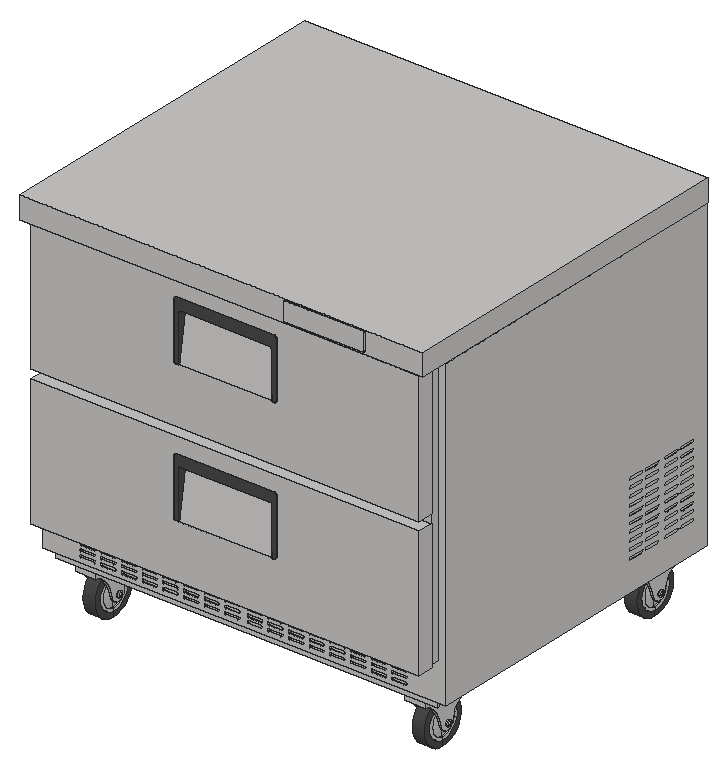
Revit family "QF_EVEREST_ETBSR2-D2", category Specialty Equipment, Revit 2015
Parameters
  Weight in Pounds = 235
  Watts = if(Phase = 3, Volts * FL Amps * 1.73, Volts * FL Amps)  # 310.5 W
  Volts = 115 V
  URL Cutsheet = ""
  Specification by User = ""
  Specification by Manufacturer = ""
  Show Clearance [instance] = yes
  Show 5 Inches Caster [instance] = yes
  Show 2.5 Inches Caster [instance] = not(Show 5 Inches Caster)  # no
  Serial Number = ""
  Seismic Rating = ""
  SMACNA No = ""
  Revision Code = ""
  Refrigerant Volume = 0.00 kip
  Refrigerant Type = "R290"
  Phase = 1
  Overall Height [instance] = Body Height + Base Height  # 880 mm
  Number of Poles = 1
  NAFEM Spec ID Number = ""
  Model = "ETBSR2-D2"
  Min Ckt Ampacity = 0 A
  Max Overcurrent Protection = 0 A
  Masterspec = ""
  Manufacturer = "EVEREST"
  Length = 906 mm
  Item Number = ""
  Installed By = ""
  Identify Quantity as Lot = yes
  Height = 125 mm
  HP = "1/5"
  Furnished By = ""
  Foodservice Equipment Identifier = yes
  FL Amps = 2.7 A
  Electrical Remarks = ""
  Electric Connection Type = ""
  Elec Conn RI Height = 0 mm
  Elec Conn Connection Height = 0 mm
  Description = "DRAWERED UNDERCOUNTER REFRIGERATOR"
  Depth = 800 mm
  Cycle = 60 Hz
  Conn Plug = "NEMA 5-15P"
  Conn Conduit = yes
  CSI MasterFormat = ""
  Body Height = 755 mm
  Base Height [instance] = if(Show 5 Inches Caster, 125 mm, 64 mm)  # 125 mm
  BTUH = 1655.0 Btu/h
  Apparent Power = if(Phase = 3, Volts * FL Amps * 1.73, Volts * FL Amps)  # 310.5 VA
Reference planes
  plane 1 "BACK": y = 0
  plane 2: z = 0
  plane 3 "LEFT": x = 0
  plane 4 "RIGHT": x = 906
  plane 5 "FRONT": y = -800
  plane 6 "TOP": z = 125
  plane 7 "Center Y": x = 453
  plane 8 "Center X": y = -400
  plane 9: z = 880
Dimensions and locks
  equal spacing: plane 3 "LEFT", plane 7 "Center Y", plane 4 "RIGHT"
  "Length": plane 3 "LEFT" to plane 4 "RIGHT"
  equal spacing: plane 5 "FRONT", plane 8 "Center X", plane 1 "BACK"
  "Depth": plane 5 "FRONT" to plane 1 "BACK"
  "Base Height": plane 6 "TOP" to level
  "Body Height": plane 9 to plane 6 "TOP"
  aligned and locked: plane 2 to level
  aligned and locked: nested 1 to plane 6 "TOP"
Nested families
  nested 1: "ETBSR2-D2" at (0, 0, 125), Show Clearance <- "Show Clearance", type "ETBSR2-D2"
    with Show Clearance yes
  nested 2: "2.5 INCHES & 5 INCHES 01_CASTER" at (82.739, -683.013, 0), Show 2 1/2 Inches Caster <- "Show 2.5 Inches Caster", Show 5" Casters <- "Show 5 Inches Caster", type "2.5 INCHES & 5 INCHES 01_CASTER"
    with Type Mark "", Specification by User "", Show 5" Casters yes, Show 2 1/2 Inches Caster no, Revision Code "", Item Number "", Installed By "", Identify Quantity as Lot yes, Furnished By "", Foodservice Equipment Identifier yes
  nested 3: "2.5 INCHES & 5 INCHES 01_CASTER" at (823.261, -683.013, 0), Show 2 1/2 Inches Caster <- "Show 2.5 Inches Caster", Show 5" Casters <- "Show 5 Inches Caster", type "2.5 INCHES & 5 INCHES 01_CASTER"
    with Type Mark "", Specification by User "", Show 5" Casters yes, Show 2 1/2 Inches Caster no, Revision Code "", Item Number "", Installed By "", Identify Quantity as Lot yes, Furnished By "", Foodservice Equipment Identifier yes
  nested 4: "2.5 INCHES & 5 INCHES 01_CASTER" at (82.739, -86.013, 0), Show 2 1/2 Inches Caster <- "Show 2.5 Inches Caster", Show 5" Casters <- "Show 5 Inches Caster", type "2.5 INCHES & 5 INCHES 01_CASTER"
    with Type Mark "", Specification by User "", Show 5" Casters yes, Show 2 1/2 Inches Caster no, Revision Code "", Item Number "", Installed By "", Identify Quantity as Lot yes, Furnished By "", Foodservice Equipment Identifier yes
  nested 5: "2.5 INCHES & 5 INCHES 01_CASTER" at (823.261, -86.013, 0), Show 2 1/2 Inches Caster <- "Show 2.5 Inches Caster", Show 5" Casters <- "Show 5 Inches Caster", type "2.5 INCHES & 5 INCHES 01_CASTER"
    with Type Mark "", Specification by User "", Show 5" Casters yes, Show 2 1/2 Inches Caster no, Revision Code "", Item Number "", Installed By "", Identify Quantity as Lot yes, Furnished By "", Foodservice Equipment Identifier yes
Connectors
  electrical at (453, 0, 525.433), driven by "Volts", driven by "Watts"
    settings: on nested 1, index 1, voltage 115 V, apparent load 310.5 VA, apparent load phase1 0 VA, apparent load phase2 0 VA, apparent load phase3 0 VA, power factor 1, load classification "Other", number of poles 1, system type 30, power factor state 1, is connector primary yes, connector utility no, sub classification motor no, connector description "ELECTRICAL CONNECTION"
Definition of nested family "ETBSR2-D2"
  Parameters (values of type "ETBSR2-D2")
    Weight in Pounds = 234
    Watts = if(Phase = 3, Volts * FL Amps * 1.73, Volts * FL Amps)  # 506 W
    Volts = 115 V
    URL Cutsheet = ""
    Specification by User = ""
    Specification by Manufacturer = ""
    Show Clearance [instance] = yes
    Serial Number = ""
    Seismic Rating = ""
    SMACNA No = ""
    Revision Code = ""
    Refrigerant Volume = 0.00 kip
    Refrigerant Type = "R-134A"
    Phase = 1
    Number of Poles = 1
    NAFEM Spec ID Number = ""
    Model = "ETBSR2-D2"
    Min Ckt Ampacity = 0 A
    Max Overcurrent Protection = 0 A
    Masterspec = ""
    Manufacturer = "EVEREST"
    Length = 906 mm
    Item Number = ""
    Installed By = ""
    Identify Quantity as Lot = yes
    Height = 755 mm
    HP = "1/5"
    Furnished By = ""
    Foodservice Equipment Identifier = yes
    FL Amps = 4.4 A
    Electrical Remarks = ""
    Electric Connection Type = ""
    Elec Conn RI Height = 0 mm
    Elec Conn Connection Height = 0 mm
    Description = "DRAWERED UNDERCOUNTER REFRIGERATORS"
    Depth = 800 mm
    Cycle = 60 Hz
    Conn Plug = ""
    Conn Conduit = yes
    CSI MasterFormat = ""
    BTUH = 0.0 Btu/h
    Apparent Power = 0 VA
  Reference planes
    plane 1 "BACK": y = 0
    plane 2: z = 0
    plane 3 "LEFT": x = 0
    plane 4 "RIGHT": x = 906
    plane 5 "FRONT": y = -800
    plane 6 "TOP": z = 755
    plane 7 "Center Y": x = 453
    plane 8 "Center X": y = -400
    plane 9: y = -1323
  Forms (mm)
    Extrusion 1, solid
      sketch origin (0, 0, -125) x (0, 1, 0) y (0, 0, 1)
        loop
          line (0, 880) -> (-800, 880) -> (-800, 830) -> (0, 830) -> (0, 880)
      from 0 to 906
    Extrusion 2, solid
      sketch origin (0, 0, -125) x (0, 1, 0) y (0, 0, 1)
        loop
          line (-1.6, 830) -> (-736.6, 830) -> (-736.6, 140) -> (-1.6, 140) -> (-1.6, 830)
      from 0 to 906
    Extrusion 3, solid
      sketch origin (0, 0, -125) x (0, 1, 0) y (0, 0, 1)
        loop
          line (-729.6, 125) -> (-727.6, 125) -> (-727.6, 138) -> (-704.6, 138) -> (-704.6, 125) -> (-664.6, 125) -> (-664.6, 138) -> (-641.6, 138) -> (-641.6, 125) -> (-639.6, 125) -> (-639.6, 140) -> (-729.6, 140) -> (-729.6, 125)
        loop
          line (-42.6, 125) -> (-42.6, 140) -> (-132.6, 140) -> (-132.6, 125) -> (-130.6, 125) -> (-130.6, 138) -> (-107.6, 138) -> (-107.6, 125) -> (-67.6, 125) -> (-67.6, 138) -> (-44.6, 138) -> (-44.6, 125) -> (-42.6, 125)
      from 23 to 883
    Extrusion 4, void
      sketch origin (0, -736.6, 705) x (0, 0, -1) y (1, 0, 0)
        loop
          line (647.1, 116.637) -> (647.1, 87.841)
          arc (647.1, 87.841) -> (650.6, 84.341) -> (654.1, 87.841) r 3.5
          line (654.1, 87.841) -> (654.1, 116.637)
          arc (654.1, 116.637) -> (650.6, 120.137) -> (647.1, 116.637) r 3.5
        loop
          line (660.1, 116.607) -> (660.1, 87.849)
          arc (660.1, 87.849) -> (663.6, 84.349) -> (667.1, 87.849) r 3.5
          line (667.1, 87.849) -> (667.1, 116.607)
          arc (667.1, 116.607) -> (663.6, 120.107) -> (660.1, 116.607) r 3.5
        loop
          line (673.1, 116.635) -> (673.1, 87.844)
          arc (673.1, 87.844) -> (676.6, 84.344) -> (680.1, 87.844) r 3.5
          line (680.1, 87.844) -> (680.1, 116.635)
          arc (680.1, 116.635) -> (676.6, 120.135) -> (673.1, 116.635) r 3.5
        loop
          line (647.1, 163.25) -> (647.1, 134.454)
          arc (647.1, 134.454) -> (650.6, 130.954) -> (654.1, 134.454) r 3.5
          line (654.1, 134.454) -> (654.1, 163.25)
          arc (654.1, 163.25) -> (650.6, 166.75) -> (647.1, 163.25) r 3.5
        loop
          line (660.1, 163.219) -> (660.1, 134.461)
          arc (660.1, 134.461) -> (663.6, 130.961) -> (667.1, 134.461) r 3.5
          line (667.1, 134.461) -> (667.1, 163.219)
          arc (667.1, 163.219) -> (663.6, 166.719) -> (660.1, 163.219) r 3.5
        loop
          line (673.1, 163.247) -> (673.1, 134.457)
          arc (673.1, 134.457) -> (676.6, 130.957) -> (680.1, 134.457) r 3.5
          line (680.1, 134.457) -> (680.1, 163.247)
          arc (680.1, 163.247) -> (676.6, 166.747) -> (673.1, 163.247) r 3.5
        loop
          line (647.1, 209.75) -> (647.1, 180.954)
          arc (647.1, 180.954) -> (650.6, 177.454) -> (654.1, 180.954) r 3.5
          line (654.1, 180.954) -> (654.1, 209.75)
          arc (654.1, 209.75) -> (650.6, 213.25) -> (647.1, 209.75) r 3.5
        loop
          line (660.1, 209.719) -> (660.1, 180.961)
          arc (660.1, 180.961) -> (663.6, 177.461) -> (667.1, 180.961) r 3.5
          line (667.1, 180.961) -> (667.1, 209.719)
          arc (667.1, 209.719) -> (663.6, 213.219) -> (660.1, 209.719) r 3.5
        loop
          line (673.1, 209.747) -> (673.1, 180.957)
          arc (673.1, 180.957) -> (676.6, 177.457) -> (680.1, 180.957) r 3.5
          line (680.1, 180.957) -> (680.1, 209.747)
          arc (680.1, 209.747) -> (676.6, 213.247) -> (673.1, 209.747) r 3.5
        loop
          line (647.1, 256.25) -> (647.1, 227.454)
          arc (647.1, 227.454) -> (650.6, 223.954) -> (654.1, 227.454) r 3.5
          line (654.1, 227.454) -> (654.1, 256.25)
          arc (654.1, 256.25) -> (650.6, 259.75) -> (647.1, 256.25) r 3.5
        loop
          line (660.1, 256.219) -> (660.1, 227.461)
          arc (660.1, 227.461) -> (663.6, 223.961) -> (667.1, 227.461) r 3.5
          line (667.1, 227.461) -> (667.1, 256.219)
          arc (667.1, 256.219) -> (663.6, 259.719) -> (660.1, 256.219) r 3.5
        loop
          line (673.1, 256.247) -> (673.1, 227.457)
          arc (673.1, 227.457) -> (676.6, 223.957) -> (680.1, 227.457) r 3.5
          line (680.1, 227.457) -> (680.1, 256.247)
          arc (680.1, 256.247) -> (676.6, 259.747) -> (673.1, 256.247) r 3.5
        loop
          line (647.1, 302.75) -> (647.1, 273.954)
          arc (647.1, 273.954) -> (650.6, 270.454) -> (654.1, 273.954) r 3.5
          line (654.1, 273.954) -> (654.1, 302.75)
          arc (654.1, 302.75) -> (650.6, 306.25) -> (647.1, 302.75) r 3.5
        loop
          line (660.1, 302.719) -> (660.1, 273.961)
          arc (660.1, 273.961) -> (663.6, 270.461) -> (667.1, 273.961) r 3.5
          line (667.1, 273.961) -> (667.1, 302.719)
          arc (667.1, 302.719) -> (663.6, 306.219) -> (660.1, 302.719) r 3.5
        loop
          line (673.1, 302.747) -> (673.1, 273.957)
          arc (673.1, 273.957) -> (676.6, 270.457) -> (680.1, 273.957) r 3.5
          line (680.1, 273.957) -> (680.1, 302.747)
          arc (680.1, 302.747) -> (676.6, 306.247) -> (673.1, 302.747) r 3.5
        loop
          line (647.1, 349.25) -> (647.1, 320.454)
          arc (647.1, 320.454) -> (650.6, 316.954) -> (654.1, 320.454) r 3.5
          line (654.1, 320.454) -> (654.1, 349.25)
          arc (654.1, 349.25) -> (650.6, 352.75) -> (647.1, 349.25) r 3.5
        loop
          line (660.1, 349.219) -> (660.1, 320.461)
          arc (660.1, 320.461) -> (663.6, 316.961) -> (667.1, 320.461) r 3.5
          line (667.1, 320.461) -> (667.1, 349.219)
          arc (667.1, 349.219) -> (663.6, 352.719) -> (660.1, 349.219) r 3.5
        loop
          line (673.1, 349.247) -> (673.1, 320.457)
          arc (673.1, 320.457) -> (676.6, 316.957) -> (680.1, 320.457) r 3.5
          line (680.1, 320.457) -> (680.1, 349.247)
          arc (680.1, 349.247) -> (676.6, 352.747) -> (673.1, 349.247) r 3.5
        loop
          line (647.1, 395.75) -> (647.1, 366.954)
          arc (647.1, 366.954) -> (650.6, 363.454) -> (654.1, 366.954) r 3.5
          line (654.1, 366.954) -> (654.1, 395.75)
          arc (654.1, 395.75) -> (650.6, 399.25) -> (647.1, 395.75) r 3.5
        loop
          line (660.1, 395.719) -> (660.1, 366.961)
          arc (660.1, 366.961) -> (663.6, 363.461) -> (667.1, 366.961) r 3.5
          line (667.1, 366.961) -> (667.1, 395.719)
          arc (667.1, 395.719) -> (663.6, 399.219) -> (660.1, 395.719) r 3.5
        loop
          line (673.1, 395.747) -> (673.1, 366.957)
          arc (673.1, 366.957) -> (676.6, 363.457) -> (680.1, 366.957) r 3.5
          line (680.1, 366.957) -> (680.1, 395.747)
          arc (680.1, 395.747) -> (676.6, 399.247) -> (673.1, 395.747) r 3.5
        loop
          line (647.1, 442.25) -> (647.1, 413.454)
          arc (647.1, 413.454) -> (650.6, 409.954) -> (654.1, 413.454) r 3.5
          line (654.1, 413.454) -> (654.1, 442.25)
          arc (654.1, 442.25) -> (650.6, 445.75) -> (647.1, 442.25) r 3.5
        loop
          line (660.1, 442.219) -> (660.1, 413.461)
          arc (660.1, 413.461) -> (663.6, 409.961) -> (667.1, 413.461) r 3.5
          line (667.1, 413.461) -> (667.1, 442.219)
          arc (667.1, 442.219) -> (663.6, 445.719) -> (660.1, 442.219) r 3.5
        loop
          line (673.1, 442.247) -> (673.1, 413.457)
          arc (673.1, 413.457) -> (676.6, 409.957) -> (680.1, 413.457) r 3.5
          line (680.1, 413.457) -> (680.1, 442.247)
          arc (680.1, 442.247) -> (676.6, 445.747) -> (673.1, 442.247) r 3.5
        loop
          arc (647.1, 789.363) -> (650.6, 785.863) -> (654.1, 789.363) r 3.5
          line (654.1, 789.363) -> (654.1, 818.159)
          arc (654.1, 818.159) -> (650.6, 821.659) -> (647.1, 818.159) r 3.5
          line (647.1, 818.159) -> (647.1, 789.363)
        loop
          arc (660.1, 789.393) -> (663.6, 785.893) -> (667.1, 789.393) r 3.5
          line (667.1, 789.393) -> (667.1, 818.151)
          arc (667.1, 818.151) -> (663.6, 821.651) -> (660.1, 818.151) r 3.5
          line (660.1, 818.151) -> (660.1, 789.393)
        loop
          arc (673.1, 789.365) -> (676.6, 785.865) -> (680.1, 789.365) r 3.5
          line (680.1, 789.365) -> (680.1, 818.156)
          arc (680.1, 818.156) -> (676.6, 821.656) -> (673.1, 818.156) r 3.5
          line (673.1, 818.156) -> (673.1, 789.365)
        loop
          arc (647.1, 742.75) -> (650.6, 739.25) -> (654.1, 742.75) r 3.5
          line (654.1, 742.75) -> (654.1, 771.546)
          arc (654.1, 771.546) -> (650.6, 775.046) -> (647.1, 771.546) r 3.5
          line (647.1, 771.546) -> (647.1, 742.75)
        loop
          arc (660.1, 742.781) -> (663.6, 739.281) -> (667.1, 742.781) r 3.5
          line (667.1, 742.781) -> (667.1, 771.539)
          arc (667.1, 771.539) -> (663.6, 775.039) -> (660.1, 771.539) r 3.5
          line (660.1, 771.539) -> (660.1, 742.781)
        loop
          arc (673.1, 742.753) -> (676.6, 739.253) -> (680.1, 742.753) r 3.5
          line (680.1, 742.753) -> (680.1, 771.543)
          arc (680.1, 771.543) -> (676.6, 775.043) -> (673.1, 771.543) r 3.5
          line (673.1, 771.543) -> (673.1, 742.753)
        loop
          arc (647.1, 696.25) -> (650.6, 692.75) -> (654.1, 696.25) r 3.5
          line (654.1, 696.25) -> (654.1, 725.046)
          arc (654.1, 725.046) -> (650.6, 728.546) -> (647.1, 725.046) r 3.5
          line (647.1, 725.046) -> (647.1, 696.25)
        loop
          arc (660.1, 696.281) -> (663.6, 692.781) -> (667.1, 696.281) r 3.5
          line (667.1, 696.281) -> (667.1, 725.039)
          arc (667.1, 725.039) -> (663.6, 728.539) -> (660.1, 725.039) r 3.5
          line (660.1, 725.039) -> (660.1, 696.281)
        loop
          arc (673.1, 696.253) -> (676.6, 692.753) -> (680.1, 696.253) r 3.5
          line (680.1, 696.253) -> (680.1, 725.043)
          arc (680.1, 725.043) -> (676.6, 728.543) -> (673.1, 725.043) r 3.5
          line (673.1, 725.043) -> (673.1, 696.253)
        loop
          arc (647.1, 649.75) -> (650.6, 646.25) -> (654.1, 649.75) r 3.5
          line (654.1, 649.75) -> (654.1, 678.546)
          arc (654.1, 678.546) -> (650.6, 682.046) -> (647.1, 678.546) r 3.5
          line (647.1, 678.546) -> (647.1, 649.75)
        loop
          arc (660.1, 649.781) -> (663.6, 646.281) -> (667.1, 649.781) r 3.5
          line (667.1, 649.781) -> (667.1, 678.539)
          arc (667.1, 678.539) -> (663.6, 682.039) -> (660.1, 678.539) r 3.5
          line (660.1, 678.539) -> (660.1, 649.781)
        loop
          arc (673.1, 649.753) -> (676.6, 646.253) -> (680.1, 649.753) r 3.5
          line (680.1, 649.753) -> (680.1, 678.543)
          arc (680.1, 678.543) -> (676.6, 682.043) -> (673.1, 678.543) r 3.5
          line (673.1, 678.543) -> (673.1, 649.753)
        loop
          arc (647.1, 603.25) -> (650.6, 599.75) -> (654.1, 603.25) r 3.5
          line (654.1, 603.25) -> (654.1, 632.046)
          arc (654.1, 632.046) -> (650.6, 635.546) -> (647.1, 632.046) r 3.5
          line (647.1, 632.046) -> (647.1, 603.25)
        loop
          arc (660.1, 603.281) -> (663.6, 599.781) -> (667.1, 603.281) r 3.5
          line (667.1, 603.281) -> (667.1, 632.039)
          arc (667.1, 632.039) -> (663.6, 635.539) -> (660.1, 632.039) r 3.5
          line (660.1, 632.039) -> (660.1, 603.281)
        loop
          arc (673.1, 603.253) -> (676.6, 599.753) -> (680.1, 603.253) r 3.5
          line (680.1, 603.253) -> (680.1, 632.043)
          arc (680.1, 632.043) -> (676.6, 635.543) -> (673.1, 632.043) r 3.5
          line (673.1, 632.043) -> (673.1, 603.253)
        loop
          arc (647.1, 556.75) -> (650.6, 553.25) -> (654.1, 556.75) r 3.5
          line (654.1, 556.75) -> (654.1, 585.546)
          arc (654.1, 585.546) -> (650.6, 589.046) -> (647.1, 585.546) r 3.5
          line (647.1, 585.546) -> (647.1, 556.75)
        loop
          arc (660.1, 556.781) -> (663.6, 553.281) -> (667.1, 556.781) r 3.5
          line (667.1, 556.781) -> (667.1, 585.539)
          arc (667.1, 585.539) -> (663.6, 589.039) -> (660.1, 585.539) r 3.5
          line (660.1, 585.539) -> (660.1, 556.781)
        loop
          arc (673.1, 556.753) -> (676.6, 553.253) -> (680.1, 556.753) r 3.5
          line (680.1, 556.753) -> (680.1, 585.543)
          arc (680.1, 585.543) -> (676.6, 589.043) -> (673.1, 585.543) r 3.5
          line (673.1, 585.543) -> (673.1, 556.753)
        loop
          arc (647.1, 510.25) -> (650.6, 506.75) -> (654.1, 510.25) r 3.5
          line (654.1, 510.25) -> (654.1, 539.046)
          arc (654.1, 539.046) -> (650.6, 542.546) -> (647.1, 539.046) r 3.5
          line (647.1, 539.046) -> (647.1, 510.25)
        loop
          arc (660.1, 510.281) -> (663.6, 506.781) -> (667.1, 510.281) r 3.5
          line (667.1, 510.281) -> (667.1, 539.039)
          arc (667.1, 539.039) -> (663.6, 542.539) -> (660.1, 539.039) r 3.5
          line (660.1, 539.039) -> (660.1, 510.281)
        loop
          arc (673.1, 510.253) -> (676.6, 506.753) -> (680.1, 510.253) r 3.5
          line (680.1, 510.253) -> (680.1, 539.043)
          arc (680.1, 539.043) -> (676.6, 542.543) -> (673.1, 539.043) r 3.5
          line (673.1, 539.043) -> (673.1, 510.253)
        loop
          arc (647.1, 463.75) -> (650.6, 460.25) -> (654.1, 463.75) r 3.5
          line (654.1, 463.75) -> (654.1, 492.546)
          arc (654.1, 492.546) -> (650.6, 496.046) -> (647.1, 492.546) r 3.5
          line (647.1, 492.546) -> (647.1, 463.75)
        loop
          arc (660.1, 463.781) -> (663.6, 460.281) -> (667.1, 463.781) r 3.5
          line (667.1, 463.781) -> (667.1, 492.539)
          arc (667.1, 492.539) -> (663.6, 496.039) -> (660.1, 492.539) r 3.5
          line (660.1, 492.539) -> (660.1, 463.781)
        loop
          arc (673.1, 463.753) -> (676.6, 460.253) -> (680.1, 463.753) r 3.5
          line (680.1, 463.753) -> (680.1, 492.543)
          arc (680.1, 492.543) -> (676.6, 496.043) -> (673.1, 492.543) r 3.5
          line (673.1, 492.543) -> (673.1, 463.753)
      from 0 to -2
    Extrusion 5, void
      sketch origin (0, 0, -125) x (0, -1, 0) y (0, 0, 1)
        loop
          arc (40.608, 372.761) -> (36.608, 368.761) -> (40.608, 364.761) r 4
          line (40.608, 364.761) -> (72.56, 364.761)
          arc (72.56, 364.761) -> (76.56, 368.761) -> (72.56, 372.761) r 4
          line (72.56, 372.761) -> (40.608, 372.761)
        loop
          arc (40.608, 354.983) -> (36.608, 350.983) -> (40.608, 346.983) r 4
          line (40.608, 346.983) -> (72.56, 346.983)
          arc (72.56, 346.983) -> (76.56, 350.983) -> (72.56, 354.983) r 4
          line (72.56, 354.983) -> (40.608, 354.983)
        loop
          arc (40.608, 337.205) -> (36.608, 333.205) -> (40.608, 329.205) r 4
          line (40.608, 329.205) -> (72.56, 329.205)
          arc (72.56, 329.205) -> (76.56, 333.205) -> (72.56, 337.205) r 4
          line (72.56, 337.205) -> (40.608, 337.205)
        loop
          arc (40.608, 319.427) -> (36.608, 315.427) -> (40.608, 311.427) r 4
          line (40.608, 311.427) -> (72.56, 311.427)
          arc (72.56, 311.427) -> (76.56, 315.427) -> (72.56, 319.427) r 4
          line (72.56, 319.427) -> (40.608, 319.427)
        loop
          arc (40.608, 301.65) -> (36.608, 297.65) -> (40.608, 293.65) r 4
          line (40.608, 293.65) -> (72.56, 293.65)
          arc (72.56, 293.65) -> (76.56, 297.65) -> (72.56, 301.65) r 4
          line (72.56, 301.65) -> (40.608, 301.65)
        loop
          arc (40.608, 283.872) -> (36.608, 279.872) -> (40.608, 275.872) r 4
          line (40.608, 275.872) -> (72.56, 275.872)
          arc (72.56, 275.872) -> (76.56, 279.872) -> (72.56, 283.872) r 4
          line (72.56, 283.872) -> (40.608, 283.872)
        loop
          arc (40.608, 266.094) -> (36.608, 262.094) -> (40.608, 258.094) r 4
          line (40.608, 258.094) -> (72.56, 258.094)
          arc (72.56, 258.094) -> (76.56, 262.094) -> (72.56, 266.094) r 4
          line (72.56, 266.094) -> (40.608, 266.094)
        loop
          arc (40.608, 248.316) -> (36.608, 244.316) -> (40.608, 240.316) r 4
          line (40.608, 240.316) -> (72.56, 240.316)
          arc (72.56, 240.316) -> (76.56, 244.316) -> (72.56, 248.316) r 4
          line (72.56, 248.316) -> (40.608, 248.316)
        loop
          arc (40.608, 230.539) -> (36.608, 226.539) -> (40.608, 222.539) r 4
          line (40.608, 222.539) -> (72.56, 222.539)
          arc (72.56, 222.539) -> (76.56, 226.539) -> (72.56, 230.539) r 4
          line (72.56, 230.539) -> (40.608, 230.539)
        loop
          arc (40.608, 212.761) -> (36.608, 208.761) -> (40.608, 204.761) r 4
          line (40.608, 204.761) -> (72.56, 204.761)
          arc (72.56, 204.761) -> (76.56, 208.761) -> (72.56, 212.761) r 4
          line (72.56, 212.761) -> (40.608, 212.761)
        loop
          arc (85.638, 372.761) -> (81.638, 368.761) -> (85.638, 364.761) r 4
          line (85.638, 364.761) -> (117.59, 364.761)
          arc (117.59, 364.761) -> (121.59, 368.761) -> (117.59, 372.761) r 4
          line (117.59, 372.761) -> (85.638, 372.761)
        loop
          arc (85.638, 354.983) -> (81.638, 350.983) -> (85.638, 346.983) r 4
          line (85.638, 346.983) -> (117.59, 346.983)
          arc (117.59, 346.983) -> (121.59, 350.983) -> (117.59, 354.983) r 4
          line (117.59, 354.983) -> (85.638, 354.983)
        loop
          arc (85.638, 337.205) -> (81.638, 333.205) -> (85.638, 329.205) r 4
          line (85.638, 329.205) -> (117.59, 329.205)
          arc (117.59, 329.205) -> (121.59, 333.205) -> (117.59, 337.205) r 4
          line (117.59, 337.205) -> (85.638, 337.205)
        loop
          arc (85.638, 319.427) -> (81.638, 315.427) -> (85.638, 311.427) r 4
          line (85.638, 311.427) -> (117.59, 311.427)
          arc (117.59, 311.427) -> (121.59, 315.427) -> (117.59, 319.427) r 4
          line (117.59, 319.427) -> (85.638, 319.427)
        loop
          arc (85.638, 301.65) -> (81.638, 297.65) -> (85.638, 293.65) r 4
          line (85.638, 293.65) -> (117.59, 293.65)
          arc (117.59, 293.65) -> (121.59, 297.65) -> (117.59, 301.65) r 4
          line (117.59, 301.65) -> (85.638, 301.65)
        loop
          arc (85.638, 283.872) -> (81.638, 279.872) -> (85.638, 275.872) r 4
          line (85.638, 275.872) -> (117.59, 275.872)
          arc (117.59, 275.872) -> (121.59, 279.872) -> (117.59, 283.872) r 4
          line (117.59, 283.872) -> (85.638, 283.872)
        loop
          arc (85.638, 266.094) -> (81.638, 262.094) -> (85.638, 258.094) r 4
          line (85.638, 258.094) -> (117.59, 258.094)
          arc (117.59, 258.094) -> (121.59, 262.094) -> (117.59, 266.094) r 4
          line (117.59, 266.094) -> (85.638, 266.094)
        loop
          arc (85.638, 248.316) -> (81.638, 244.316) -> (85.638, 240.316) r 4
          line (85.638, 240.316) -> (117.59, 240.316)
          arc (117.59, 240.316) -> (121.59, 244.316) -> (117.59, 248.316) r 4
          line (117.59, 248.316) -> (85.638, 248.316)
        loop
          arc (85.638, 230.539) -> (81.638, 226.539) -> (85.638, 222.539) r 4
          line (85.638, 222.539) -> (117.59, 222.539)
          arc (117.59, 222.539) -> (121.59, 226.539) -> (117.59, 230.539) r 4
          line (117.59, 230.539) -> (85.638, 230.539)
        loop
          arc (85.638, 212.761) -> (81.638, 208.761) -> (85.638, 204.761) r 4
          line (85.638, 204.761) -> (117.59, 204.761)
          arc (117.59, 204.761) -> (121.59, 208.761) -> (117.59, 212.761) r 4
          line (117.59, 212.761) -> (85.638, 212.761)
        loop
          arc (140.638, 372.761) -> (136.638, 368.761) -> (140.638, 364.761) r 4
          line (140.638, 364.761) -> (172.59, 364.761)
          arc (172.59, 364.761) -> (176.59, 368.761) -> (172.59, 372.761) r 4
          line (172.59, 372.761) -> (140.638, 372.761)
        loop
          arc (140.638, 354.983) -> (136.638, 350.983) -> (140.638, 346.983) r 4
          line (140.638, 346.983) -> (172.59, 346.983)
          arc (172.59, 346.983) -> (176.59, 350.983) -> (172.59, 354.983) r 4
          line (172.59, 354.983) -> (140.638, 354.983)
        loop
          arc (140.638, 337.205) -> (136.638, 333.205) -> (140.638, 329.205) r 4
          line (140.638, 329.205) -> (172.59, 329.205)
          arc (172.59, 329.205) -> (176.59, 333.205) -> (172.59, 337.205) r 4
          line (172.59, 337.205) -> (140.638, 337.205)
        loop
          arc (140.638, 319.427) -> (136.638, 315.427) -> (140.638, 311.427) r 4
          line (140.638, 311.427) -> (172.59, 311.427)
          arc (172.59, 311.427) -> (176.59, 315.427) -> (172.59, 319.427) r 4
          line (172.59, 319.427) -> (140.638, 319.427)
        loop
          arc (140.638, 301.65) -> (136.638, 297.65) -> (140.638, 293.65) r 4
          line (140.638, 293.65) -> (172.59, 293.65)
          arc (172.59, 293.65) -> (176.59, 297.65) -> (172.59, 301.65) r 4
          line (172.59, 301.65) -> (140.638, 301.65)
        loop
          arc (140.638, 283.872) -> (136.638, 279.872) -> (140.638, 275.872) r 4
          line (140.638, 275.872) -> (172.59, 275.872)
          arc (172.59, 275.872) -> (176.59, 279.872) -> (172.59, 283.872) r 4
          line (172.59, 283.872) -> (140.638, 283.872)
        loop
          arc (140.638, 266.094) -> (136.638, 262.094) -> (140.638, 258.094) r 4
          line (140.638, 258.094) -> (172.59, 258.094)
          arc (172.59, 258.094) -> (176.59, 262.094) -> (172.59, 266.094) r 4
          line (172.59, 266.094) -> (140.638, 266.094)
        loop
          arc (140.638, 248.316) -> (136.638, 244.316) -> (140.638, 240.316) r 4
          line (140.638, 240.316) -> (172.59, 240.316)
          arc (172.59, 240.316) -> (176.59, 244.316) -> (172.59, 248.316) r 4
          line (172.59, 248.316) -> (140.638, 248.316)
        loop
          arc (140.638, 230.539) -> (136.638, 226.539) -> (140.638, 222.539) r 4
          line (140.638, 222.539) -> (172.59, 222.539)
          arc (172.59, 222.539) -> (176.59, 226.539) -> (172.59, 230.539) r 4
          line (172.59, 230.539) -> (140.638, 230.539)
        loop
          arc (140.638, 212.761) -> (136.638, 208.761) -> (140.638, 204.761) r 4
          line (140.638, 204.761) -> (172.59, 204.761)
          arc (172.59, 204.761) -> (176.59, 208.761) -> (172.59, 212.761) r 4
          line (172.59, 212.761) -> (140.638, 212.761)
        loop
          arc (185.638, 372.761) -> (181.638, 368.761) -> (185.638, 364.761) r 4
          line (185.638, 364.761) -> (217.59, 364.761)
          arc (217.59, 364.761) -> (221.59, 368.761) -> (217.59, 372.761) r 4
          line (217.59, 372.761) -> (185.638, 372.761)
        loop
          arc (185.638, 354.983) -> (181.638, 350.983) -> (185.638, 346.983) r 4
          line (185.638, 346.983) -> (217.59, 346.983)
          arc (217.59, 346.983) -> (221.59, 350.983) -> (217.59, 354.983) r 4
          line (217.59, 354.983) -> (185.638, 354.983)
        loop
          arc (185.638, 337.205) -> (181.638, 333.205) -> (185.638, 329.205) r 4
          line (185.638, 329.205) -> (217.59, 329.205)
          arc (217.59, 329.205) -> (221.59, 333.205) -> (217.59, 337.205) r 4
          line (217.59, 337.205) -> (185.638, 337.205)
        loop
          arc (185.638, 319.427) -> (181.638, 315.427) -> (185.638, 311.427) r 4
          line (185.638, 311.427) -> (217.59, 311.427)
          arc (217.59, 311.427) -> (221.59, 315.427) -> (217.59, 319.427) r 4
          line (217.59, 319.427) -> (185.638, 319.427)
        loop
          arc (185.638, 301.65) -> (181.638, 297.65) -> (185.638, 293.65) r 4
          line (185.638, 293.65) -> (217.59, 293.65)
          arc (217.59, 293.65) -> (221.59, 297.65) -> (217.59, 301.65) r 4
          line (217.59, 301.65) -> (185.638, 301.65)
        loop
          arc (185.638, 283.872) -> (181.638, 279.872) -> (185.638, 275.872) r 4
          line (185.638, 275.872) -> (217.59, 275.872)
          arc (217.59, 275.872) -> (221.59, 279.872) -> (217.59, 283.872) r 4
          line (217.59, 283.872) -> (185.638, 283.872)
        loop
          arc (185.638, 266.094) -> (181.638, 262.094) -> (185.638, 258.094) r 4
          line (185.638, 258.094) -> (217.59, 258.094)
          arc (217.59, 258.094) -> (221.59, 262.094) -> (217.59, 266.094) r 4
          line (217.59, 266.094) -> (185.638, 266.094)
        loop
          arc (185.638, 248.316) -> (181.638, 244.316) -> (185.638, 240.316) r 4
          line (185.638, 240.316) -> (217.59, 240.316)
          arc (217.59, 240.316) -> (221.59, 244.316) -> (217.59, 248.316) r 4
          line (217.59, 248.316) -> (185.638, 248.316)
        loop
          arc (185.638, 230.539) -> (181.638, 226.539) -> (185.638, 222.539) r 4
          line (185.638, 222.539) -> (217.59, 222.539)
          arc (217.59, 222.539) -> (221.59, 226.539) -> (217.59, 230.539) r 4
          line (217.59, 230.539) -> (185.638, 230.539)
        loop
          arc (185.638, 212.761) -> (181.638, 208.761) -> (185.638, 204.761) r 4
          line (185.638, 204.761) -> (217.59, 204.761)
          arc (217.59, 204.761) -> (221.59, 208.761) -> (217.59, 212.761) r 4
          line (217.59, 212.761) -> (185.638, 212.761)
      from 0 to -2
    Extrusion 6, solid
      sketch origin (0, 0, -125) x (1, 0, 0) y (0, 0, 1)
        loop
          circle (453, 525.433) r 10
      from 0 to 1.6
    Extrusion 7, solid
      sketch origin (0, -800, 755) x (0, 0, -1) y (1, 0, 0)
        loop
          arc (42.993, 595.25) -> (44.412, 595.838) -> (45, 597.257) r 2.007
          line (45, 597.257) -> (45, 772.786)
          arc (45, 772.786) -> (44.425, 774.175) -> (43.036, 774.75) r 1.964
          line (43.036, 774.75) -> (5, 774.75)
          arc (5, 774.75) -> (3.585, 774.165) -> (3, 772.75) r 1.997
          line (3, 772.75) -> (3, 597.25)
          arc (3, 597.25) -> (3.585, 595.835) -> (5, 595.25) r 1.997
          line (5, 595.25) -> (42.993, 595.25)
      from 0 to 2
    Extrusion 8, solid
      sketch origin (0, 0, -125) x (0, 1, 0) y (0, 0, 1)
        loop
          line (-736.6, 816.691) -> (-754.6, 816.691) -> (-754.6, 224.38) -> (-736.6, 224.38) -> (-736.6, 816.691)
      from 15 to 889
    Extrusion 9, solid
      sketch origin (0, -789.6, 698.036) x (0, 0, -1) y (1, 0, 0)
        loop
          line (605, 889) -> (314.036, 889) -> (314.036, 15) -> (605, 15) -> (605, 889)
        loop
          line (0, 889) -> (0, 15) -> (294.036, 15) -> (294.036, 889) -> (0, 889)
        loop
          arc (33.036, 343) -> (34.5, 339.464) -> (38.036, 338) r 5
          line (38.036, 338) -> (164.536, 338)
          arc (164.536, 338) -> (167.011, 339.025) -> (168.036, 341.5) r 3.5
          line (168.036, 341.5) -> (168.036, 345.5)
          arc (168.036, 345.5) -> (167.011, 347.975) -> (164.536, 349) r 3.5
          line (164.536, 349) -> (63.036, 349)
          arc (63.036, 349) -> (59.5, 350.464) -> (58.036, 354) r 5
          line (58.036, 354) -> (58.036, 552)
          arc (58.036, 552) -> (59.5, 555.536) -> (63.036, 557) r 5
          line (63.036, 557) -> (164.536, 557)
          arc (164.536, 557) -> (167.011, 558.025) -> (168.036, 560.5) r 3.5
          line (168.036, 560.5) -> (168.036, 564.5)
          arc (168.036, 564.5) -> (167.011, 566.975) -> (164.536, 568) r 3.5
          line (164.536, 568) -> (38.036, 568)
          arc (38.036, 568) -> (34.5, 566.536) -> (33.036, 563) r 5
          line (33.036, 563) -> (33.036, 343)
        loop
          arc (349.036, 343) -> (350.5, 339.464) -> (354.036, 338) r 5
          line (354.036, 338) -> (480.536, 338)
          arc (480.536, 338) -> (483.011, 339.025) -> (484.036, 341.5) r 3.5
          line (484.036, 341.5) -> (484.036, 345.5)
          arc (484.036, 345.5) -> (483.011, 347.975) -> (480.536, 349) r 3.5
          line (480.536, 349) -> (379.036, 349)
          arc (379.036, 349) -> (375.5, 350.464) -> (374.036, 354) r 5
          line (374.036, 354) -> (374.036, 552)
          arc (374.036, 552) -> (375.5, 555.536) -> (379.036, 557) r 5
          line (379.036, 557) -> (480.536, 557)
          arc (480.536, 557) -> (483.011, 558.025) -> (484.036, 560.5) r 3.5
          line (484.036, 560.5) -> (484.036, 564.5)
          arc (484.036, 564.5) -> (483.011, 566.975) -> (480.536, 568) r 3.5
          line (480.536, 568) -> (354.036, 568)
          arc (354.036, 568) -> (350.5, 566.536) -> (349.036, 563) r 5
          line (349.036, 563) -> (349.036, 343)
      from 0 to -35
    Extrusion 10, solid
      sketch origin (0, -789.6, 698.036) x (0, 0, -1) y (1, 0, 0)
        loop
          arc (33.036, 343) -> (34.5, 339.464) -> (38.036, 338) r 5
          line (38.036, 338) -> (164.536, 338)
          arc (164.536, 338) -> (167.011, 339.025) -> (168.036, 341.5) r 3.5
          line (168.036, 341.5) -> (168.036, 345.5)
          arc (168.036, 345.5) -> (167.011, 347.975) -> (164.536, 349) r 3.5
          line (164.536, 349) -> (63.036, 349)
          arc (63.036, 349) -> (59.5, 350.464) -> (58.036, 354) r 5
          line (58.036, 354) -> (58.036, 552)
          arc (58.036, 552) -> (59.5, 555.536) -> (63.036, 557) r 5
          line (63.036, 557) -> (164.536, 557)
          arc (164.536, 557) -> (167.011, 558.025) -> (168.036, 560.5) r 3.5
          line (168.036, 560.5) -> (168.036, 564.5)
          arc (168.036, 564.5) -> (167.011, 566.975) -> (164.536, 568) r 3.5
          line (164.536, 568) -> (38.036, 568)
          arc (38.036, 568) -> (34.5, 566.536) -> (33.036, 563) r 5
          line (33.036, 563) -> (33.036, 343)
        loop
          arc (349.036, 343) -> (350.5, 339.464) -> (354.036, 338) r 5
          line (354.036, 338) -> (480.536, 338)
          arc (480.536, 338) -> (483.011, 339.025) -> (484.036, 341.5) r 3.5
          line (484.036, 341.5) -> (484.036, 345.5)
          arc (484.036, 345.5) -> (483.011, 347.975) -> (480.536, 349) r 3.5
          line (480.536, 349) -> (379.036, 349)
          arc (379.036, 349) -> (375.5, 350.464) -> (374.036, 354) r 5
          line (374.036, 354) -> (374.036, 552)
          arc (374.036, 552) -> (375.5, 555.536) -> (379.036, 557) r 5
          line (379.036, 557) -> (480.536, 557)
          arc (480.536, 557) -> (483.011, 558.025) -> (484.036, 560.5) r 3.5
          line (484.036, 560.5) -> (484.036, 564.5)
          arc (484.036, 564.5) -> (483.011, 566.975) -> (480.536, 568) r 3.5
          line (480.536, 568) -> (354.036, 568)
          arc (354.036, 568) -> (350.5, 566.536) -> (349.036, 563) r 5
          line (349.036, 563) -> (349.036, 343)
      from 0 to -35
    Extrusion 11, solid, visible <- "Show Clearance", detail levels coarse
      sketch origin (0, 0, -125) x (1, 0, 0) y (0, 1, 0)
        loop
          line (15, -789.6) -> (15, -1323) -> (889, -1323) -> (889, -789.6) -> (15, -789.6)
      from 529 to 823.036
    Extrusion 12, solid, visible <- "Show Clearance", detail levels coarse
      sketch origin (0, 0, -439.036) x (1, 0, 0) y (0, 1, 0)
        loop
          line (15, -789.6) -> (15, -1214.6) -> (889, -1214.6) -> (889, -789.6) -> (15, -789.6)
      from 532.071 to 823.036
    Extrusion 13, void
      sketch origin (0, 0, 3.964) x (0, 1, 0) y (0, 0, 1)
        loop
          line (-772.1, 634.244) -> (-772.1, 636.244) -> (-789.6, 636.244) -> (-789.6, 526.036) -> (-772.1, 634.244)
      from 349 to 557
    Extrusion 14, void
      sketch origin (0, 0, -312.036) x (0, 1, 0) y (0, 0, 1)
        loop
          line (-772.1, 634.244) -> (-772.1, 636.244) -> (-789.6, 636.244) -> (-789.6, 526.036) -> (-772.1, 634.244)
      from 349 to 557
    Extrusion 15, void
      sketch origin (906, 0, -125) x (0, -1, 0) y (0, 0, -1)
        loop
          line (40.608, -372.761) -> (72.56, -372.761)
          arc (72.56, -372.761) -> (76.56, -368.761) -> (72.56, -364.761) r 4
          line (72.56, -364.761) -> (40.608, -364.761)
          arc (40.608, -364.761) -> (36.608, -368.761) -> (40.608, -372.761) r 4
        loop
          line (40.608, -354.983) -> (72.56, -354.983)
          arc (72.56, -354.983) -> (76.56, -350.983) -> (72.56, -346.983) r 4
          line (72.56, -346.983) -> (40.608, -346.983)
          arc (40.608, -346.983) -> (36.608, -350.983) -> (40.608, -354.983) r 4
        loop
          line (40.608, -337.205) -> (72.56, -337.205)
          arc (72.56, -337.205) -> (76.56, -333.205) -> (72.56, -329.205) r 4
          line (72.56, -329.205) -> (40.608, -329.205)
          arc (40.608, -329.205) -> (36.608, -333.205) -> (40.608, -337.205) r 4
        loop
          line (40.608, -319.427) -> (72.56, -319.427)
          arc (72.56, -319.427) -> (76.56, -315.427) -> (72.56, -311.427) r 4
          line (72.56, -311.427) -> (40.608, -311.427)
          arc (40.608, -311.427) -> (36.608, -315.427) -> (40.608, -319.427) r 4
        loop
          line (40.608, -301.65) -> (72.56, -301.65)
          arc (72.56, -301.65) -> (76.56, -297.65) -> (72.56, -293.65) r 4
          line (72.56, -293.65) -> (40.608, -293.65)
          arc (40.608, -293.65) -> (36.608, -297.65) -> (40.608, -301.65) r 4
        loop
          line (40.608, -283.872) -> (72.56, -283.872)
          arc (72.56, -283.872) -> (76.56, -279.872) -> (72.56, -275.872) r 4
          line (72.56, -275.872) -> (40.608, -275.872)
          arc (40.608, -275.872) -> (36.608, -279.872) -> (40.608, -283.872) r 4
        loop
          line (40.608, -266.094) -> (72.56, -266.094)
          arc (72.56, -266.094) -> (76.56, -262.094) -> (72.56, -258.094) r 4
          line (72.56, -258.094) -> (40.608, -258.094)
          arc (40.608, -258.094) -> (36.608, -262.094) -> (40.608, -266.094) r 4
        loop
          line (40.608, -248.316) -> (72.56, -248.316)
          arc (72.56, -248.316) -> (76.56, -244.316) -> (72.56, -240.316) r 4
          line (72.56, -240.316) -> (40.608, -240.316)
          arc (40.608, -240.316) -> (36.608, -244.316) -> (40.608, -248.316) r 4
        loop
          line (40.608, -230.539) -> (72.56, -230.539)
          arc (72.56, -230.539) -> (76.56, -226.539) -> (72.56, -222.539) r 4
          line (72.56, -222.539) -> (40.608, -222.539)
          arc (40.608, -222.539) -> (36.608, -226.539) -> (40.608, -230.539) r 4
        loop
          line (40.608, -212.761) -> (72.56, -212.761)
          arc (72.56, -212.761) -> (76.56, -208.761) -> (72.56, -204.761) r 4
          line (72.56, -204.761) -> (40.608, -204.761)
          arc (40.608, -204.761) -> (36.608, -208.761) -> (40.608, -212.761) r 4
        loop
          line (85.638, -372.761) -> (117.59, -372.761)
          arc (117.59, -372.761) -> (121.59, -368.761) -> (117.59, -364.761) r 4
          line (117.59, -364.761) -> (85.638, -364.761)
          arc (85.638, -364.761) -> (81.638, -368.761) -> (85.638, -372.761) r 4
        loop
          line (85.638, -354.983) -> (117.59, -354.983)
          arc (117.59, -354.983) -> (121.59, -350.983) -> (117.59, -346.983) r 4
          line (117.59, -346.983) -> (85.638, -346.983)
          arc (85.638, -346.983) -> (81.638, -350.983) -> (85.638, -354.983) r 4
        loop
          line (85.638, -337.205) -> (117.59, -337.205)
          arc (117.59, -337.205) -> (121.59, -333.205) -> (117.59, -329.205) r 4
          line (117.59, -329.205) -> (85.638, -329.205)
          arc (85.638, -329.205) -> (81.638, -333.205) -> (85.638, -337.205) r 4
        loop
          line (85.638, -319.427) -> (117.59, -319.427)
          arc (117.59, -319.427) -> (121.59, -315.427) -> (117.59, -311.427) r 4
          line (117.59, -311.427) -> (85.638, -311.427)
          arc (85.638, -311.427) -> (81.638, -315.427) -> (85.638, -319.427) r 4
        loop
          line (85.638, -301.65) -> (117.59, -301.65)
          arc (117.59, -301.65) -> (121.59, -297.65) -> (117.59, -293.65) r 4
          line (117.59, -293.65) -> (85.638, -293.65)
          arc (85.638, -293.65) -> (81.638, -297.65) -> (85.638, -301.65) r 4
        loop
          line (85.638, -283.872) -> (117.59, -283.872)
          arc (117.59, -283.872) -> (121.59, -279.872) -> (117.59, -275.872) r 4
          line (117.59, -275.872) -> (85.638, -275.872)
          arc (85.638, -275.872) -> (81.638, -279.872) -> (85.638, -283.872) r 4
        loop
          line (85.638, -266.094) -> (117.59, -266.094)
          arc (117.59, -266.094) -> (121.59, -262.094) -> (117.59, -258.094) r 4
          line (117.59, -258.094) -> (85.638, -258.094)
          arc (85.638, -258.094) -> (81.638, -262.094) -> (85.638, -266.094) r 4
        loop
          line (85.638, -248.316) -> (117.59, -248.316)
          arc (117.59, -248.316) -> (121.59, -244.316) -> (117.59, -240.316) r 4
          line (117.59, -240.316) -> (85.638, -240.316)
          arc (85.638, -240.316) -> (81.638, -244.316) -> (85.638, -248.316) r 4
        loop
          line (85.638, -230.539) -> (117.59, -230.539)
          arc (117.59, -230.539) -> (121.59, -226.539) -> (117.59, -222.539) r 4
          line (117.59, -222.539) -> (85.638, -222.539)
          arc (85.638, -222.539) -> (81.638, -226.539) -> (85.638, -230.539) r 4
        loop
          line (85.638, -212.761) -> (117.59, -212.761)
          arc (117.59, -212.761) -> (121.59, -208.761) -> (117.59, -204.761) r 4
          line (117.59, -204.761) -> (85.638, -204.761)
          arc (85.638, -204.761) -> (81.638, -208.761) -> (85.638, -212.761) r 4
        loop
          line (140.638, -372.761) -> (172.59, -372.761)
          arc (172.59, -372.761) -> (176.59, -368.761) -> (172.59, -364.761) r 4
          line (172.59, -364.761) -> (140.638, -364.761)
          arc (140.638, -364.761) -> (136.638, -368.761) -> (140.638, -372.761) r 4
        loop
          line (140.638, -354.983) -> (172.59, -354.983)
          arc (172.59, -354.983) -> (176.59, -350.983) -> (172.59, -346.983) r 4
          line (172.59, -346.983) -> (140.638, -346.983)
          arc (140.638, -346.983) -> (136.638, -350.983) -> (140.638, -354.983) r 4
        loop
          line (140.638, -337.205) -> (172.59, -337.205)
          arc (172.59, -337.205) -> (176.59, -333.205) -> (172.59, -329.205) r 4
          line (172.59, -329.205) -> (140.638, -329.205)
          arc (140.638, -329.205) -> (136.638, -333.205) -> (140.638, -337.205) r 4
        loop
          line (140.638, -319.427) -> (172.59, -319.427)
          arc (172.59, -319.427) -> (176.59, -315.427) -> (172.59, -311.427) r 4
          line (172.59, -311.427) -> (140.638, -311.427)
          arc (140.638, -311.427) -> (136.638, -315.427) -> (140.638, -319.427) r 4
        loop
          line (140.638, -301.65) -> (172.59, -301.65)
          arc (172.59, -301.65) -> (176.59, -297.65) -> (172.59, -293.65) r 4
          line (172.59, -293.65) -> (140.638, -293.65)
          arc (140.638, -293.65) -> (136.638, -297.65) -> (140.638, -301.65) r 4
        loop
          line (140.638, -283.872) -> (172.59, -283.872)
          arc (172.59, -283.872) -> (176.59, -279.872) -> (172.59, -275.872) r 4
          line (172.59, -275.872) -> (140.638, -275.872)
          arc (140.638, -275.872) -> (136.638, -279.872) -> (140.638, -283.872) r 4
        loop
          line (140.638, -266.094) -> (172.59, -266.094)
          arc (172.59, -266.094) -> (176.59, -262.094) -> (172.59, -258.094) r 4
          line (172.59, -258.094) -> (140.638, -258.094)
          arc (140.638, -258.094) -> (136.638, -262.094) -> (140.638, -266.094) r 4
        loop
          line (140.638, -248.316) -> (172.59, -248.316)
          arc (172.59, -248.316) -> (176.59, -244.316) -> (172.59, -240.316) r 4
          line (172.59, -240.316) -> (140.638, -240.316)
          arc (140.638, -240.316) -> (136.638, -244.316) -> (140.638, -248.316) r 4
        loop
          line (140.638, -230.539) -> (172.59, -230.539)
          arc (172.59, -230.539) -> (176.59, -226.539) -> (172.59, -222.539) r 4
          line (172.59, -222.539) -> (140.638, -222.539)
          arc (140.638, -222.539) -> (136.638, -226.539) -> (140.638, -230.539) r 4
        loop
          line (140.638, -212.761) -> (172.59, -212.761)
          arc (172.59, -212.761) -> (176.59, -208.761) -> (172.59, -204.761) r 4
          line (172.59, -204.761) -> (140.638, -204.761)
          arc (140.638, -204.761) -> (136.638, -208.761) -> (140.638, -212.761) r 4
        loop
          line (185.638, -372.761) -> (217.59, -372.761)
          arc (217.59, -372.761) -> (221.59, -368.761) -> (217.59, -364.761) r 4
          line (217.59, -364.761) -> (185.638, -364.761)
          arc (185.638, -364.761) -> (181.638, -368.761) -> (185.638, -372.761) r 4
        loop
          line (185.638, -354.983) -> (217.59, -354.983)
          arc (217.59, -354.983) -> (221.59, -350.983) -> (217.59, -346.983) r 4
          line (217.59, -346.983) -> (185.638, -346.983)
          arc (185.638, -346.983) -> (181.638, -350.983) -> (185.638, -354.983) r 4
        loop
          line (185.638, -337.205) -> (217.59, -337.205)
          arc (217.59, -337.205) -> (221.59, -333.205) -> (217.59, -329.205) r 4
          line (217.59, -329.205) -> (185.638, -329.205)
          arc (185.638, -329.205) -> (181.638, -333.205) -> (185.638, -337.205) r 4
        loop
          line (185.638, -319.427) -> (217.59, -319.427)
          arc (217.59, -319.427) -> (221.59, -315.427) -> (217.59, -311.427) r 4
          line (217.59, -311.427) -> (185.638, -311.427)
          arc (185.638, -311.427) -> (181.638, -315.427) -> (185.638, -319.427) r 4
        loop
          line (185.638, -301.65) -> (217.59, -301.65)
          arc (217.59, -301.65) -> (221.59, -297.65) -> (217.59, -293.65) r 4
          line (217.59, -293.65) -> (185.638, -293.65)
          arc (185.638, -293.65) -> (181.638, -297.65) -> (185.638, -301.65) r 4
        loop
          line (185.638, -283.872) -> (217.59, -283.872)
          arc (217.59, -283.872) -> (221.59, -279.872) -> (217.59, -275.872) r 4
          line (217.59, -275.872) -> (185.638, -275.872)
          arc (185.638, -275.872) -> (181.638, -279.872) -> (185.638, -283.872) r 4
        loop
          line (185.638, -266.094) -> (217.59, -266.094)
          arc (217.59, -266.094) -> (221.59, -262.094) -> (217.59, -258.094) r 4
          line (217.59, -258.094) -> (185.638, -258.094)
          arc (185.638, -258.094) -> (181.638, -262.094) -> (185.638, -266.094) r 4
        loop
          line (185.638, -248.316) -> (217.59, -248.316)
          arc (217.59, -248.316) -> (221.59, -244.316) -> (217.59, -240.316) r 4
          line (217.59, -240.316) -> (185.638, -240.316)
          arc (185.638, -240.316) -> (181.638, -244.316) -> (185.638, -248.316) r 4
        loop
          line (185.638, -230.539) -> (217.59, -230.539)
          arc (217.59, -230.539) -> (221.59, -226.539) -> (217.59, -222.539) r 4
          line (217.59, -222.539) -> (185.638, -222.539)
          arc (185.638, -222.539) -> (181.638, -226.539) -> (185.638, -230.539) r 4
        loop
          line (185.638, -212.761) -> (217.59, -212.761)
          arc (217.59, -212.761) -> (221.59, -208.761) -> (217.59, -204.761) r 4
          line (217.59, -204.761) -> (185.638, -204.761)
          arc (185.638, -204.761) -> (181.638, -208.761) -> (185.638, -212.761) r 4
      from 0 to -2
  Cuts and joins
    Extrusion 4, Extrusion 5, Extrusion 15 cuts Extrusion 2
    Extrusion 13, Extrusion 14 cuts Extrusion 11
    Extrusion 13, Extrusion 14 cuts Extrusion 9
    Extrusion 14 cuts Extrusion 10
  Lines and regions (mm)
    Split face 1
      outline origin (906, -736.6, 705) x (-1, 0, 0) y (0, 0, -1)
        loop
          line (63, 640.237) -> (843, 640.237) -> (843, 690) -> (63, 690) -> (63, 640.237)
    symbolic lines
      curve 1: line (0, 0, 0) -> (906, 0, 0)
      curve 2: line (0, -800, 0) -> (0, 0, 0)
      curve 3: line (906, -800, 0) -> (0, -800, 0)
      curve 4: line (906, 0, 0) -> (906, -800, 0)
      curve 5: line (15, -800, 0) -> (15, -1323, 0)
      curve 6: line (15, -1323, 0) -> (889, -1323, 0)
      curve 7: line (889, -1323, 0) -> (889, -800, 0)
  Dimensions and locks
    equal spacing: plane 3 "LEFT", plane 7 "Center Y", plane 4 "RIGHT"
    "Length": plane 3 "LEFT" to plane 4 "RIGHT"
    equal spacing: plane 5 "FRONT", plane 8 "Center X", plane 1 "BACK"
    "Depth": plane 5 "FRONT" to plane 1 "BACK"
    "Height": plane 6 "TOP" to level
    plane 9 to plane 1 "BACK" = 1323 mm
    Extrusion 9 sketch curve to Extrusion 9 sketch curve = 874 mm
    aligned and locked: plane 2 to level
  Automatic sketch dimensions
    plane 1 "BACK" to curve 1 = 0 mm
    curve 1 to plane 3 "LEFT" = 0 mm
    plane 5 "FRONT" to curve 5 = 0 mm
    plane 9 to curve 6 = 0 mm
    curve 3 to plane 4 "RIGHT" = 0 mm
    plane 3 "LEFT" to curve 6 = 15 mm
    plane 4 "RIGHT" to curve 7 = 17 mm
    Extrusion 1 sketch curve to plane 5 "FRONT" = 0 mm
    Extrusion 1 sketch curve to plane 1 "BACK" = 0 mm
    Extrusion 1 sketch curve to plane 6 "TOP" = 0 mm
    Extrusion 1 sketch curve to Extrusion 1 sketch curve = 50 mm
    Extrusion 2 sketch curve to plane 5 "FRONT" = 63.4 mm
    plane 1 "BACK" to Extrusion 2 sketch curve = 1.6 mm
    level to Extrusion 2 sketch curve = 15 mm
    Extrusion 2 sketch curve to plane 6 "TOP" = 50 mm
    Extrusion 3 sketch curve to level = 0 mm  (x6)
    Extrusion 3 sketch curve to plane 5 "FRONT" = 70.4 mm
    Extrusion 3 sketch curve to Extrusion 3 sketch curve = 2 mm  (x6)
    Extrusion 3 sketch curve to Extrusion 3 sketch curve = 23 mm  (x4)
    Extrusion 3 sketch curve to Extrusion 3 sketch curve = 40 mm  (x2)
    plane 1 "BACK" to Extrusion 3 sketch curve = 132.6 mm
    level to Extrusion 3 sketch curve = 13 mm
    Extrusion 3 sketch curve to Extrusion 3 sketch curve = 13 mm  (x3)
    Extrusion 4 sketch curve to Extrusion 2 = 42.9 mm  (x15)
    Extrusion 4 sketch curve to Extrusion 4 sketch curve = 0 mm
    Extrusion 4 sketch curve to Extrusion 4 sketch curve = 3.5 mm  (x48)
    Extrusion 4 sketch curve to Extrusion 4 sketch curve = 6 mm  (x32)
    Extrusion 2 to Extrusion 4 sketch curve = 87.841 mm
    Extrusion 4 sketch curve to Extrusion 4 sketch curve = 0.003 mm
    Extrusion 4 sketch curve to Extrusion 4 sketch curve = 0.005 mm  (x16)
    Extrusion 4 sketch curve to Extrusion 4 sketch curve = 28.758 mm  (x16)
    Extrusion 4 sketch curve to Extrusion 4 sketch curve = 0.028 mm  (x13)
    Extrusion 4 sketch curve to Extrusion 4 sketch curve = 0.031 mm  (x11)
    Extrusion 4 sketch curve to Extrusion 4 sketch curve = 17.817 mm  (x2)
    Extrusion 4 sketch curve to Extrusion 4 sketch curve = 17.822 mm  (x2)
    Extrusion 4 sketch curve to Extrusion 4 sketch curve = 17.704 mm  (x12)
    Extrusion 4 sketch curve to Extrusion 4 sketch curve = 17.709 mm  (x12)
    Extrusion 4 sketch curve to Extrusion 4 sketch curve = 21.5 mm
    Extrusion 4 sketch curve to Extrusion 4 sketch curve = 21.505 mm
    Extrusion 4 sketch curve to Extrusion 4 sketch curve = 0.008 mm  (x8)
    Extrusion 5 sketch curve to Extrusion 2 = 39.008 mm  (x2)
    Extrusion 5 sketch curve to Extrusion 5 sketch curve = 0 mm  (x63)
    Extrusion 5 sketch curve to Extrusion 5 sketch curve = 31.952 mm  (x4)
    Extrusion 5 sketch curve to Extrusion 5 sketch curve = 13.078 mm  (x6)
    Extrusion 5 sketch curve to Extrusion 5 sketch curve = 23.048 mm  (x2)
    Extrusion 5 sketch curve to Extrusion 5 sketch curve = 13.048 mm  (x6)
    Extrusion 5 sketch curve to Extrusion 2 = 64.761 mm
    Extrusion 5 sketch curve to Extrusion 5 sketch curve = 4 mm  (x40)
    Extrusion 5 sketch curve to Extrusion 5 sketch curve = 9.778 mm  (x36)
    Extrusion 6 sketch curve to plane 7 "Center Y" = 0 mm
    Extrusion 6 sketch curve to plane 6 "TOP" = 354.567 mm
    Extrusion 7 sketch curve to Extrusion 1 = 3 mm
    Extrusion 7 sketch curve to Extrusion 7 sketch curve = 1.997 mm  (x3)
    Extrusion 7 sketch curve to Extrusion 7 sketch curve = 0.003 mm  (x3)
    Extrusion 7 sketch curve to Extrusion 1 = 7.007 mm
    Extrusion 7 sketch curve to Extrusion 1 = 6.964 mm
    Extrusion 7 sketch curve to Extrusion 7 sketch curve = 2.007 mm
    Extrusion 1 to Extrusion 7 sketch curve = 310.75 mm
    Extrusion 1 to Extrusion 7 sketch curve = 133.25 mm
    Extrusion 8 sketch curve to plane 5 "FRONT" = 45.4 mm
    Extrusion 8 sketch curve to Extrusion 8 sketch curve = 18 mm
    level to Extrusion 8 sketch curve = 99.38 mm
    Extrusion 8 sketch curve to plane 6 "TOP" = 63.309 mm
    plane 3 "LEFT" to Extrusion 9 sketch curve = 15 mm  (x2)
    Extrusion 9 sketch curve to plane 6 "TOP" = 56.964 mm
    Extrusion 9 sketch curve to plane 6 "TOP" = 90 mm
    Extrusion 9 sketch curve to Extrusion 9 sketch curve = 5 mm  (x8)
    Extrusion 9 sketch curve to Extrusion 9 sketch curve = 20 mm  (x3)
    Extrusion 9 sketch curve to Extrusion 9 sketch curve = 101.5 mm  (x4)
    Extrusion 9 sketch curve to Extrusion 9 sketch curve = 0 mm  (x4)
    Extrusion 9 sketch curve to Extrusion 9 sketch curve = 3.5 mm  (x4)
    Extrusion 9 sketch curve to Extrusion 9 sketch curve = 294.036 mm
    plane 7 "Center Y" to Extrusion 9 sketch curve = 110 mm
    Extrusion 9 sketch curve to Extrusion 9 sketch curve = 181 mm
    level to Extrusion 9 sketch curve = 93.036 mm
    Extrusion 9 sketch curve to plane 7 "Center Y" = 115 mm  (x2)
    Extrusion 9 sketch curve to Extrusion 9 sketch curve = 4 mm  (x2)
    plane 7 "Center Y" to Extrusion 9 sketch curve = 99 mm
    Extrusion 9 sketch curve to Extrusion 9 sketch curve = 11 mm  (x2)
    plane 4 "RIGHT" to Extrusion 9 sketch curve = 17 mm
    Extrusion 10 sketch curve to plane 6 "TOP" = 90 mm
    Extrusion 10 sketch curve to Extrusion 10 sketch curve = 5 mm  (x8)
    Extrusion 10 sketch curve to Extrusion 10 sketch curve = 20 mm  (x2)
    Extrusion 10 sketch curve to Extrusion 10 sketch curve = 101.5 mm  (x4)
    Extrusion 10 sketch curve to Extrusion 10 sketch curve = 0 mm  (x4)
    Extrusion 10 sketch curve to Extrusion 10 sketch curve = 3.5 mm  (x4)
    Extrusion 10 sketch curve to plane 7 "Center Y" = 110 mm
    Extrusion 10 sketch curve to Extrusion 10 sketch curve = 181 mm
    Extrusion 10 sketch curve to plane 7 "Center Y" = 115 mm
    Extrusion 10 sketch curve to Extrusion 10 sketch curve = 4 mm  (x2)
    plane 7 "Center Y" to Extrusion 10 sketch curve = 99 mm  (x2)
    Extrusion 10 sketch curve to Extrusion 10 sketch curve = 11 mm  (x2)
    plane 9 to Extrusion 11 sketch curve = 0 mm
    plane 3 "LEFT" to Extrusion 11 sketch curve = 15 mm
    plane 4 "RIGHT" to Extrusion 11 sketch curve = 17 mm
    Extrusion 11 sketch curve to plane 5 "FRONT" = 10.4 mm
    plane 3 "LEFT" to Extrusion 12 sketch curve = 15 mm
    plane 4 "RIGHT" to Extrusion 12 sketch curve = 17 mm
    Extrusion 12 sketch curve to plane 9 = 108.4 mm
    Extrusion 12 sketch curve to plane 5 "FRONT" = 10.4 mm
    Extrusion 13 sketch curve to plane 5 "FRONT" = 10.4 mm
    Extrusion 13 sketch curve to Extrusion 13 sketch curve = 17.5 mm
    Extrusion 13 sketch curve to plane 6 "TOP" = 225 mm
    Extrusion 13 sketch curve to Extrusion 13 sketch curve = 108.209 mm
    Extrusion 13 sketch curve to Extrusion 13 sketch curve = 2 mm
    Extrusion 14 sketch curve to plane 5 "FRONT" = 10.4 mm
    Extrusion 14 sketch curve to Extrusion 14 sketch curve = 17.5 mm
    level to Extrusion 14 sketch curve = 214 mm
    Extrusion 14 sketch curve to Extrusion 14 sketch curve = 108.209 mm
    Extrusion 14 sketch curve to Extrusion 14 sketch curve = 2 mm
    Split face 1 sketch curve to cut or joined group of Extrusion 2, Extrusion 4, Extrusion 5, Extrusion 15 = 0 mm
    Split face 1 sketch curve to cut or joined group of Extrusion 2, Extrusion 4, Extrusion 5, Extrusion 15 = 63 mm  (x2)
    cut or joined group of Extrusion 2, Extrusion 4, Extrusion 5, Extrusion 15 to Split face 1 sketch curve = 6.863 mm
    plane 1 "BACK" to Extrusion 15 sketch curve = 40.608 mm  (x2)
    Extrusion 15 sketch curve to Extrusion 15 sketch curve = 0 mm  (x63)
    Extrusion 15 sketch curve to Extrusion 15 sketch curve = 31.952 mm  (x4)
    Extrusion 15 sketch curve to Extrusion 15 sketch curve = 13.078 mm  (x6)
    Extrusion 15 sketch curve to Extrusion 15 sketch curve = 23.048 mm  (x2)
    Extrusion 15 sketch curve to Extrusion 15 sketch curve = 13.048 mm  (x6)
    level to Extrusion 15 sketch curve = 247.761 mm
    Extrusion 15 sketch curve to Extrusion 15 sketch curve = 4 mm  (x40)
    Extrusion 15 sketch curve to Extrusion 15 sketch curve = 9.778 mm  (x36)
    radius of Extrusion 6 sketch curve = 10 mm
Definition of nested family "2.5 INCHES & 5 INCHES 01_CASTER"
  Parameters (values of type "2.5 INCHES & 5 INCHES 01_CASTER")
    Weight = ""
    URL Manufacturer = ""
    URL Cutsheet = ""
    URL = ""
    Type Mark [instance] = ""
    Specification by User [instance] = ""
    Specification by Manufacturer = ""
    Show 5" Casters [instance] = yes
    Show 2 1/2 Inches Caster [instance] = yes
    Serial Number = ""
    Seismic Rating = ""
    SMACNA No = ""
    Revision Code [instance] = ""
    Omniclass Number and Title = ""
    NAFEM Spec ID Number = ""
    Model = ""
    MasterSpec. = ""
    Manufacturer = ""
    Item Number [instance] = ""
    Installed By [instance] = ""
